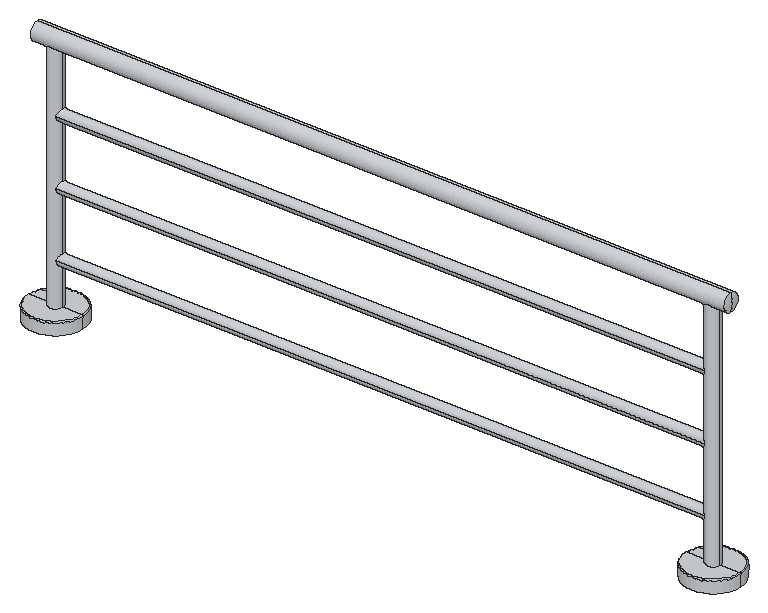
Revit family "Accessory-Towel_Bar-KOHLER-Elate-K-27294", category Specialty Equipment, host Face, Revit 2015
Parameters (values of type "CP-Polished Chrome")
  Width = 9 1/2"  # constant formula
  WaterSense Certified = 1 = 0  # no
  URL = "https://www.us.kohler.com/us/"
  Type = 1
  Product Page URL = "http://www.us.kohler.com/us/catalog/productDetails.jsp?productNumber=27294"
  Product Name = "Elate"  # constant formula
  Product Documentation Link = "https://www.us.kohler.com/webassets/kpna/catalog/pdf/en/K-27294_spec.pdf"
  Model = if(Type = 1, "K-27294-CP", if(Type = 2, "K-27294-BN", "NA"))  # "K-27294-CP"
  Material = "Premium Metal Construction"  # constant formula
  MasterFormat 2004 = "10.28.13"  # constant formula
  MasterFormat 1995 = "10820"  # constant formula
  Manufacturer Address = "444 Highland Dr, Kohler, WI 53044"  # constant formula
  Manufacturer = "KOHLER Co."  # constant formula
  Length = 24"  # constant formula
  Height = 2"  # constant formula
  Finish = Kohler-Metal-CP-Polished_Chrome
  Environmental Product Declaration = ""
  Description = "Hotelier\r"  # constant formula
  Default Elevation = 42"
  Declare Label = ""
  Date Modified = "02/19/2019"  # constant formula
  Date Created = "02/19/2019"  # constant formula
  Copyright = "Copyright KOHLER Co."  # constant formula
  Contact Us = "https://www.us.kohler.com/us/static/contact.jsp"
  Assembly Code = "C1030200"
  ADA Compliant = 1 = 0  # no
Types (3): name | Type | Model | Finish
  (no name) | 1 | "K-27294-CP" | Kohler-Metal-CP-Polished_Chrome
  CP-Polished Chrome | 1 | "K-27294-CP" | Kohler-Metal-CP-Polished_Chrome
  BN-Vibrant Brushed Nickel | 2 | "K-27294-BN" | Kohler-Metal-BN-Vibrant_Brushed_Nickel
Reference planes (in)
  plane 1 "Center (Front/Back)": y = 0
  plane 2: z = 0
  plane 3 "Center (Left/Right)": x = 0
  plane 4: x = -12
  plane 5: x = 12
  plane 6: y = 1
  plane 7: x = -13
  plane 8: x = -11
  plane 9: y = -1
  plane 10: z = 9.5
  plane 11: x = 11
  plane 12: x = 13
  plane 13: z = 9.18504
  plane 14: x = -12.6875
  plane 15: x = 12.6875
Dimensions and locks (in)
  "Length": plane 4 to plane 5
  "Height": plane 9 to plane 6
  "Width": plane 10 to plane 2
  locked: plane 7 to plane 8 at 2
  locked: plane 11 to plane 12 at 2
  plane 15 to plane 14 = 25 3/8"
  aligned and locked: host face to plane 2
  aligned and locked: host face to level
Automatic sketch dimensions
  host sketch curve to host sketch curve = 96"  (x2)
Nested families (in)
  nested 1: "K-27294" at (0, 0, 0), type "K-27294"
Definition of nested family "K-27294"
  Parameters (values of type "K-27294")
    Material = none
  Reference planes (in)
    plane 1 "Center (Front/Back)": y = 0
    plane 2: z = 0
    plane 3 "Center (Left/Right)": x = 0
    plane 4: x = -12
    plane 5: x = 12
    plane 6: x = -13
    plane 7: x = -11
    plane 8: x = 13
    plane 9: x = 11
    plane 10: y = 1
    plane 11: y = -1
    plane 12: z = 9.5
    plane 13: x = -12.6875
    plane 14: x = 12.6875
  Forms (in)
    Revolve 1, solid, material <- "Material", detail levels medium+fine
      sketch origin (0, 0, 0) x (1, 0, 0) y (0, 0, 1)
        loop
          line (-12, 0) -> (-11, 0) -> (-11, 0.42249)
          arc (-11, 0.42249) -> (-11.00873, 0.4439) -> (-11.02994, 0.45311) r 0.03062
          arc (-11.02994, 0.45311) -> (-11.387, 0.45978) -> (-11.74409, 0.4638) r 48.18776
          line (-11.74409, 0.4638) -> (-11.74409, 9.18504) -> (-12, 9.18504) -> (-12, 0)
        axis (-12, 9.18504) -> (-12, 0)
      angle from 0 to 360
    Revolve 2, solid, material <- "Material", detail levels medium+fine
      sketch origin (0, 0, 0) x (-1, 0, 0) y (0, 0, 1)
        loop
          line (-12, 0) -> (-11, 0) -> (-11, 0.42249)
          arc (-11, 0.42249) -> (-11.00873, 0.4439) -> (-11.02994, 0.45311) r 0.03062
          arc (-11.02994, 0.45311) -> (-11.387, 0.45978) -> (-11.74409, 0.4638) r 48.18776
          line (-11.74409, 0.4638) -> (-11.74409, 9.18504) -> (-12, 9.18504) -> (-12, 0)
        axis (-12, 9.18504) -> (-12, 0)
      angle from 0 to 360
    Revolve 3, solid, material <- "Material", detail levels medium+fine
      sketch origin (0, 0, 0) x (1, 0, 0) y (0, 0, 1)
        loop
          line (-12.6875, 9.18504) -> (12.6875, 9.18504)
          arc (12.6875, 9.18504) -> (12.67825, 9.34359) -> (12.65064, 9.5) r 1.3639
          line (12.65064, 9.5) -> (-12.65064, 9.5)
          arc (-12.65064, 9.5) -> (-12.67825, 9.34359) -> (-12.6875, 9.18504) r 1.3639
        axis (-12.6875, 9.18504) -> (12.6875, 9.18504)
      angle from 0 to 360
    Extrusion 4, solid, material <- "Material", detail levels medium+fine
      sketch origin (0, 0, 0) x (0, 1, 0) y (0, 0, 1)
        loop
          circle (0, 2.0199) r 0.19912
        loop
          circle (0, 4.38188) r 0.19912
        loop
          circle (0, 6.74436) r 0.19912
      from -12 to 12
    Revolve 5, solid, material <- "Material", detail levels coarse
      sketch origin (0, 0, 0) x (1, 0, 0) y (0, 0, 1)
        loop
          line (-12, 0) -> (-11, 0) -> (-11, 0.65208) -> (-11.65606, 0.65208) -> (-11.65606, 9.25) -> (-12, 9.25) -> (-12, 0)
        axis (-12, 9.25) -> (-12, 0)
      angle from 0 to 360
    Revolve 6, solid, material <- "Material", detail levels coarse
      sketch origin (0, 0, 0) x (-1, 0, 0) y (0, 0, 1)
        loop
          line (-12, 0) -> (-11, 0) -> (-11, 0.65208) -> (-11.65606, 0.65208) -> (-11.65606, 9.25) -> (-12, 9.25) -> (-12, 0)
        axis (-12, 9.25) -> (-12, 0)
      angle from 0 to 360
    Extrusion 7, solid, material <- "Material", detail levels coarse
      sketch origin (0, 0, 0) x (0, 1, 0) y (0, 0, 1)
        loop
          circle (0, 9.09112) r 0.40888
      from -12.63284 to 12.63284
    Extrusion 8, solid, material <- "Material", detail levels coarse
      sketch origin (0, 0, 0) x (0, 1, 0) y (0, 0, 1)
        loop
          circle (0, 6.74983) r 0.22483
        loop
          circle (0, 4.36274) r 0.22483
        loop
          circle (0, 2.01689) r 0.22483
      from -12 to 12
  Cuts and joins
    joined: Revolve 1, Revolve 2, Revolve 3, Extrusion 4
    joined: Revolve 5, Revolve 6, Extrusion 7, Extrusion 8
  Lines and regions (in)
    Masking region 1
      outline origin (0, 0, 0) x (1, 0, 0) y (0, 0, 1)
        loop
          line (13, 0) -> (13, 0.42249)
          arc (13, 0.42249) -> (12.99127, 0.4439) -> (12.97006, 0.45311) r 0.03062
          arc (12.97006, 0.45311) -> (12.613, 0.45978) -> (12.25591, 0.4638) r 48.18776
          line (12.25591, 0.4638) -> (12.25591, 8.87008) -> (12.65177, 8.87008)
          arc (12.65177, 8.87008) -> (12.6875, 9.18504) -> (12.65177, 9.5) r 1.40605
          line (12.65177, 9.5) -> (-12.65177, 9.5)
          arc (-12.65177, 9.5) -> (-12.6875, 9.18504) -> (-12.65177, 8.87008) r 1.40605
          line (-12.65177, 8.87008) -> (-12.25591, 8.87008) -> (-12.25591, 0.4638)
          arc (-12.25591, 0.4638) -> (-12.613, 0.45978) -> (-12.97006, 0.45311) r 48.18776
          arc (-12.97006, 0.45311) -> (-12.99127, 0.4439) -> (-13, 0.42249) r 0.03062
          line (-13, 0.42249) -> (-13, 0) -> (-11, 0) -> (-11, 0.42249)
          arc (-11, 0.42249) -> (-11.00873, 0.4439) -> (-11.02994, 0.45311) r 0.03062
          arc (-11.02994, 0.45311) -> (-11.387, 0.45978) -> (-11.74409, 0.4638) r 48.18776
          line (-11.74409, 0.4638) -> (-11.74409, 1.82078) -> (11.74409, 1.82078) -> (11.74409, 0.4638)
          arc (11.74409, 0.4638) -> (11.387, 0.45978) -> (11.02994, 0.45311) r 48.18776
          arc (11.02994, 0.45311) -> (11.00873, 0.4439) -> (11, 0.42249) r 0.03062
          line (11, 0.42249) -> (11, 0) -> (13, 0)
        loop
          line (11.74409, 8.87008) -> (-11.74409, 8.87008) -> (-11.74409, 6.94349) -> (11.74409, 6.94349) -> (11.74409, 8.87008)
        loop
          line (11.74409, 6.54524) -> (-11.74409, 6.54524) -> (-11.74409, 4.581) -> (11.74409, 4.581) -> (11.74409, 6.54524)
        loop
          line (11.74409, 4.18275) -> (-11.74409, 4.18275) -> (-11.74409, 2.21902) -> (11.74409, 2.21902) -> (11.74409, 4.18275)
    Masking region 2
      outline origin (0, 0, 0) x (0, 1, 0) y (0, 0, 1)
        loop
          line (1, 0) -> (1, 0.42249)
          arc (1, 0.42249) -> (0.99127, 0.4439) -> (0.97006, 0.45311) r 0.03062
          arc (0.97006, 0.45311) -> (0.613, 0.45978) -> (0.25591, 0.4638) r 48.18776
          line (0.25591, 0.4638) -> (0.25591, 9.00143)
          arc (0.25591, 9.00143) -> (0.28021, 9.32886) -> (0, 9.5) r 0.31496
          arc (0, 9.5) -> (-0.28021, 9.32886) -> (-0.25591, 9.00143) r 0.31496
          line (-0.25591, 9.00143) -> (-0.25591, 0.4638)
          arc (-0.25591, 0.4638) -> (-0.613, 0.45978) -> (-0.97006, 0.45311) r 48.18776
          arc (-0.97006, 0.45311) -> (-0.99127, 0.4439) -> (-1, 0.42249) r 0.03062
          line (-1, 0.42249) -> (-1, 0) -> (1, 0)
    Masking region 3
      outline origin (0, 0, 0) x (1, 0, 0) y (0, 1, 0)
        loop
          arc (-13, 0) -> (-12.70711, -0.70711) -> (-12, -1) r 1
          arc (-12, -1) -> (-11.41475, -0.81085) -> (-11.0509, -0.31496) r 1
          line (-11.0509, -0.31496) -> (11.0509, -0.31496)
          arc (11.0509, -0.31496) -> (11.41475, -0.81085) -> (12, -1) r 1
          arc (12, -1) -> (12.70711, -0.70711) -> (13, 0) r 1
          arc (13, 0) -> (12.70711, 0.70711) -> (12, 1) r 1
          arc (12, 1) -> (11.41475, 0.81085) -> (11.0509, 0.31496) r 1
          line (11.0509, 0.31496) -> (-11.0509, 0.31496)
          arc (-11.0509, 0.31496) -> (-11.41475, 0.81085) -> (-12, 1) r 1
          arc (-12, 1) -> (-12.70711, 0.70711) -> (-13, 0) r 1
    symbolic lines, detail levels medium+fine
      curve 1: line (12.25591, 0, 0.4638) -> (11.74409, 0, 0.4638)
      curve 2: arc (11.81523, 0, 2.1106) -> (11.83315, 0, 2.06681) -> (11.83926, 0, 2.0199) r 0.18322
      curve 3: arc (11.812, 0, 4.48098) -> (11.83232, 0, 4.43327) -> (11.83926, 0, 4.38188) r 0.19381
      curve 4: arc (11.80337, 0, 6.85487) -> (11.83006, 0, 6.80246) -> (11.83926, 0, 6.74436) r 0.1881
      curve 5: arc (11.9122, 0, 8.98046) -> (11.95488, 0, 8.99599) -> (12, 0, 9.00126) r 0.19573
      curve 6: arc (11.81523, 0, 1.92919) -> (11.83315, 0, 1.97298) -> (11.83926, 0, 2.0199) r 0.18322
      curve 7: arc (11.812, 0, 4.28277) -> (11.83232, 0, 4.33048) -> (11.83926, 0, 4.38188) r 0.19381
      curve 8: arc (11.80337, 0, 6.63386) -> (11.83006, 0, 6.68627) -> (11.83926, 0, 6.74436) r 0.1881
      curve 9: arc (12.0878, 0, 8.98046) -> (12.04512, 0, 8.99599) -> (12, 0, 9.00126) r 0.19573
      curve 10: arc (-11.9122, 0, 8.98046) -> (-11.95488, 0, 8.99599) -> (-12, 0, 9.00126) r 0.19573
      curve 11: arc (-12.0878, 0, 8.98046) -> (-12.04512, 0, 8.99599) -> (-12, 0, 9.00126) r 0.19573
      curve 12: arc (-11.80337, 0, 6.85487) -> (-11.83006, 0, 6.80246) -> (-11.83926, 0, 6.74436) r 0.1881
      curve 13: arc (-11.80337, 0, 6.63386) -> (-11.83006, 0, 6.68627) -> (-11.83926, 0, 6.74436) r 0.1881
      curve 14: arc (-11.812, 0, 4.48098) -> (-11.83232, 0, 4.43327) -> (-11.83926, 0, 4.38188) r 0.19381
      curve 15: arc (-11.812, 0, 4.28277) -> (-11.83232, 0, 4.33048) -> (-11.83926, 0, 4.38188) r 0.19381
      curve 16: arc (-11.81523, 0, 2.1106) -> (-11.83315, 0, 2.06681) -> (-11.83926, 0, 2.0199) r 0.18322
      curve 17: arc (-11.81523, 0, 1.92919) -> (-11.83315, 0, 1.97298) -> (-11.83926, 0, 2.0199) r 0.18322
      curve 18: line (-11.74409, 0, 0.4638) -> (-12.25591, 0, 0.4638)
      curve 19: arc (-11.74409, 0, 1.82078) -> (-11.78136, 0, 1.87387) -> (-11.81523, 0, 1.92919) r 1.03329
      curve 20: arc (-11.74409, 0, 2.21902) -> (-11.78136, 0, 2.16593) -> (-11.81523, 0, 2.1106) r 1.03329
      curve 21: arc (-11.74409, 0, 4.18275) -> (-11.77954, 0, 4.23175) -> (-11.812, 0, 4.28277) r 1.01275
      curve 22: arc (-11.74409, 0, 4.581) -> (-11.77954, 0, 4.532) -> (-11.812, 0, 4.48098) r 1.01275
      curve 23: arc (-11.74409, 0, 6.54524) -> (-11.77288, 0, 6.59012) -> (-11.80337, 0, 6.63386) r 1.39002
      curve 24: arc (-11.74409, 0, 6.94349) -> (-11.77288, 0, 6.89861) -> (-11.80337, 0, 6.85487) r 1.39002
      curve 25: arc (-11.74409, 0, 8.87008) -> (-11.82495, 0, 8.93014) -> (-11.9122, 0, 8.98046) r 0.86996
      curve 26: arc (-12.25591, 0, 8.87008) -> (-12.17505, 0, 8.93014) -> (-12.0878, 0, 8.98046) r 0.86996
      curve 27: arc (12.25591, 0, 8.87008) -> (12.17505, 0, 8.93014) -> (12.0878, 0, 8.98046) r 0.86996
      curve 28: arc (11.74409, 0, 8.87008) -> (11.82495, 0, 8.93014) -> (11.9122, 0, 8.98046) r 0.86996
      curve 29: arc (11.74409, 0, 6.94349) -> (11.77288, 0, 6.89861) -> (11.80337, 0, 6.85487) r 1.39002
      curve 30: arc (11.74409, 0, 6.54524) -> (11.77288, 0, 6.59012) -> (11.80337, 0, 6.63386) r 1.39002
      curve 31: arc (11.74409, 0, 4.581) -> (11.77954, 0, 4.532) -> (11.812, 0, 4.48098) r 1.01275
      curve 32: arc (11.74409, 0, 4.18275) -> (11.77954, 0, 4.23175) -> (11.812, 0, 4.28277) r 1.01275
      curve 33: arc (11.74409, 0, 2.21902) -> (11.78136, 0, 2.16593) -> (11.81523, 0, 2.1106) r 1.03329
      curve 34: arc (11.74409, 0, 1.82078) -> (11.78136, 0, 1.87387) -> (11.81523, 0, 1.92919) r 1.03329
      curve 35: line (0, 0.25591, 0.4638) -> (0, -0.25591, 0.4638)
      curve 36: arc (0, 0.25591, 9.00143) -> (0, 0, 8.87008) -> (0, -0.25591, 9.00143) r 0.31496
      curve 37: line (-11.0509, 0.31496, 0) -> (-12.6523, 0.31496, 0)
      curve 38: line (-11.0509, -0.31496, 0) -> (-12.6523, -0.31496, 0)
      curve 39: arc (-12.6523, 0.31496, 0) -> (-12.6875, 0, 0) -> (-12.6523, -0.31496, 0) r 1.42654
      curve 40: line (-12.6523, 0.31496, 0) -> (-12.6523, -0.31496, 0)
      curve 41: arc (12.6523, 0.31496, 0) -> (12.6875, 0, 0) -> (12.6523, -0.31496, 0) r 1.42654
      curve 42: line (12.6523, 0.31496, 0) -> (12.6523, -0.31496, 0)
      curve 43: line (11.0509, 0.31496, 0) -> (12.6523, 0.31496, 0)
      curve 44: line (11.0509, -0.31496, 0) -> (12.6523, -0.31496, 0)
      curve 45: line (12.65177, 0, 9.5) -> (12.65177, 0, 8.87008)
      curve 46: line (-12.65177, 0, 9.5) -> (-12.65177, 0, 8.87008)
  Dimensions and locks (in)
    locked: plane 6 to plane 7 at 2
    locked: plane 9 to plane 8 at 2
    locked: plane 10 to plane 11 at 2
    locked: plane 4 to plane 5 at 24
    locked: plane 12 to plane 2 at 9.5
    plane 3 "Center (Left/Right)" to plane 13 = 12 11/16"
    aligned and locked: plane 2 to level
